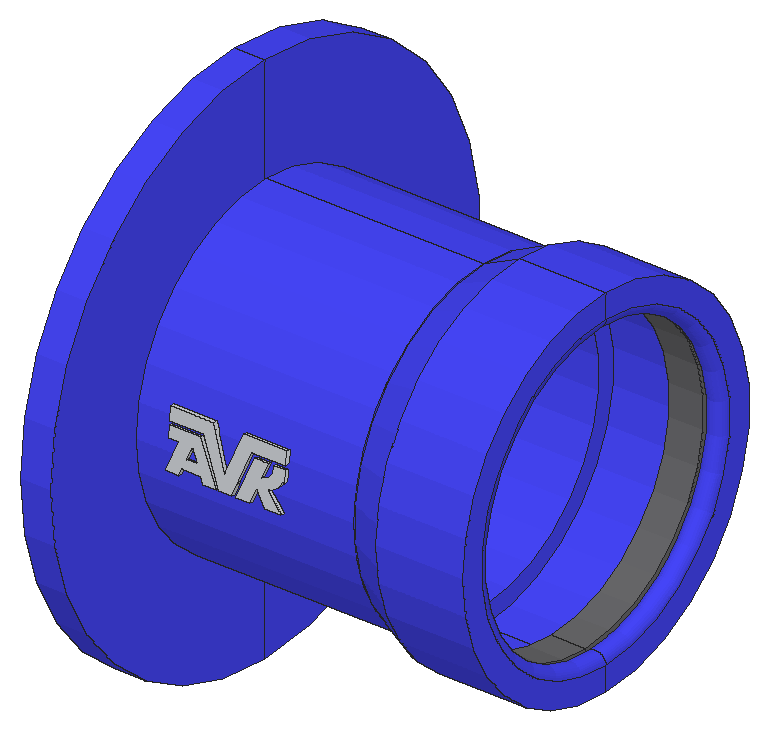
Revit family "712-7514-001 DN080-700", category Pipe Accessories, Revit 2022
Family settings
  Round Connector Dimension = Use Diameter
  Part Type = Valve - Breaks Into
  Work Plane-Based = No
  Always vertical = Yes
  Cut with Voids When Loaded = No
  Shared = No
Parameters (values of type "DN0150_PN10/16")
  radius = FL_T * 0.75  # 14.25 mm
  rad1 = J * 0.8  # 7.2 mm
  W = size_lookup(Search_table, "W", 0 mm, DN) / 2  # 100 mm
  URL_product_pages = "https://www.avkvalves.com/P.aspx?no=712008075141"
  Thickness = 6 mm  # constant formula
  Search_table = "712-7514-001 DN080-700"
  Raised_dis = size_lookup(Search_table, "Raised_dis", 0 mm, DN)  # 3 mm
  Raised_dia = size_lookup(Search_table, "Raised_dia", 0 mm, DN) / 2  # 105.5 mm
  OD = size_lookup(Search_table, "OD", 0 mm, DN) / 2  # 142.5 mm
  Logo = L1 * 0.3  # 60 mm
  L1 = size_lookup(Search_table, "L1", 0 mm, DN)  # 200 mm
  L = size_lookup(Search_table, "L", 0 mm, DN) / 2  # 67.5 mm
  J2 = 2 * J  # 18 mm
  J1 = J * 1.2  # 10.8 mm
  J = size_lookup(Search_table, "J", 0 mm, DN)  # 9 mm
  ID1 = Bore * 1.1  # 82.5 mm
  ID = size_lookup(Search_table, "ID", 0 mm, DN) / 2  # 77 mm
  G1 = ID * 1.2  # 92.4 mm
  G = ID * 1.3  # 100.1 mm
  FL_T = size_lookup(Search_table, "FL_T", 0 mm, DN)  # 19 mm
  F = E * 1.3  # 117 mm
  E = size_lookup(Search_table, "E", 0 mm, DN) / 2  # 90 mm
  Description_ = "AVK DUCTILE IRON FITTING, FLANGE/SOCKET, PN10/16"
  Default Elevation = 81 mm
  DN0700_PN16 = "712070075141"
  C2 = C * 0.6  # 72 mm
  C1 = C * 0.4  # 48 mm
  C = size_lookup(Search_table, "C", 0 mm, DN)  # 120 mm
  Body_T = size_lookup(Search_table, "Body_T", 0 mm, DN)  # 7 mm
  8 = 8 mm  # constant formula
  2 = 2 mm  # constant formula
  1 = 1 mm  # constant formula
  DN0600_PN16 = "712060075141"
  DN0600_PN10 = "712060075140"
  DN0500_PN16 = "712050075141"
  DN0500_PN10 = "712050075140"
  DN0400_PN16 = "712040075141"
  DN0400_PN10 = "712040075140"
  DN0350_PN16 = "712035075141"
  DN0350_PN10 = "712035075140"
  DN0300_PN16 = "712030075141"
  DN0300_PN10 = "712030075140"
  DN0250_PN16 = "712025075141"
  DN0250_PN10 = "712025075140"
  DN0200_PN16 = "712020075141"
  DN0100_PN10/16 = "712010075141"
  DN0200_PN10 = "712020075140"
  DN0150_PN10/16 = "712015075141"
  DN0125_PN10/16 = "712012575141"
  DN0080_PN10/16 = "712008075141"
  DN = 150 mm
  Bore = DN / 2  # 75 mm
Types (20, lengths in mm): name | radius | rad1 | W | Raised_dis | Raised_dia | OD | Logo | L1 | L | J2 | J1 | J | ID1 | ID | G1 | G | FL_T | F | E | C2 | C1 | C | Body_T | DN | Bore
  (no name) | 14.25 | 7.2 | 100 | 3 | 105.5 | 142.5 | 60 | 200 | 67.5 | 18 | 10.8 | 9 | 82.5 | 77 | 92.4 | 100.1 | 19 | 117 | 90 | 72 | 48 | 120 | 7 | 150 | 75
  DN0080_PN10/16 | 14.25 | 6.4 | 70.5 | 3 | 66 | 100 | 57.3 | 191 | 65 | 16 | 9.6 | 8 | 44 | 56.5 | 67.8 | 73.45 | 19 | 65 | 50 | 60 | 40 | 100 | 7 | 80 | 40
  DN0100_PN10/16 | 14.25 | 6.4 | 81 | 3 | 78 | 110 | 57.3 | 191 | 65 | 16 | 9.6 | 8 | 55 | 67 | 80.4 | 87.1 | 19 | 81.25 | 62.5 | 66 | 44 | 110 | 7 | 100 | 50
  DN0125_PN10/16 | 14.25 | 6.4 | 91 | 3 | 92 | 125 | 57.3 | 191 | 67.5 | 16 | 9.6 | 8 | 68.75 | 72 | 86.4 | 93.6 | 19 | 97.5 | 75 | 69 | 46 | 115 | 7 | 125 | 62.5
  DN0150_PN10/16 | 14.25 | 7.2 | 100 | 3 | 105.5 | 142.5 | 60 | 200 | 67.5 | 18 | 10.8 | 9 | 82.5 | 77 | 92.4 | 100.1 | 19 | 117 | 90 | 72 | 48 | 120 | 7 | 150 | 75
  DN0200_PN10 | 15 | 8.8 | 135.5 | 3 | 133 | 170 | 63.9 | 213 | 70 | 22 | 13.2 | 11 | 110 | 120 | 144 | 156 | 20 | 152.75 | 117.5 | 84 | 56 | 140 | 7 | 200 | 100
  DN0200_PN16 | 15 | 8.8 | 135.5 | 3 | 133 | 170 | 63.9 | 213 | 70 | 22 | 13.2 | 11 | 110.055 | 120 | 144 | 156 | 20 | 152.75 | 117.5 | 84 | 56 | 140 | 7 | 200.1 | 100.05
  DN0250_PN10 | 16.5 | 9.6 | 150 | 3 | 159.5 | 197.5 | 67.2 | 224 | 72.5 | 24 | 14.4 | 12 | 137.5 | 150 | 180 | 195 | 22 | 188.5 | 145 | 90 | 60 | 150 | 8 | 250 | 125
  DN0250_PN16 | 16.5 | 9.6 | 150 | 3 | 159.5 | 202.5 | 67.2 | 224 | 72.5 | 24 | 14.4 | 12 | 137.555 | 150 | 180 | 195 | 22 | 188.5 | 145 | 90 | 60 | 150 | 8 | 250.1 | 125.05
  DN0300_PN10 | 18.75 | 10.4 | 175 | 4 | 185 | 222.5 | 69 | 230 | 75 | 26 | 15.6 | 13 | 165 | 175 | 210 | 227.5 | 25 | 226.2 | 174 | 96 | 64 | 160 | 8 | 300 | 150
  DN0300_PN16 | 18.75 | 10.4 | 175 | 4 | 185 | 230 | 69 | 230 | 75 | 26 | 15.6 | 13 | 165.055 | 175 | 210 | 227.5 | 25 | 226.2 | 174 | 96 | 64 | 160 | 8 | 300.1 | 150.05
  DN0350_PN10 | 18.75 | 11.2 | 217 | 4 | 214.5 | 252.5 | 69.9 | 233 | 77.5 | 28 | 16.8 | 14 | 192.5 | 198 | 237.6 | 257.4 | 25 | 273 | 210 | 96 | 64 | 160 | 9 | 350 | 175
  DN0350_PN16 | 20.25 | 11.2 | 217 | 4 | 214.5 | 260 | 69.9 | 233 | 77.5 | 28 | 16.8 | 14 | 192.555 | 198 | 237.6 | 257.4 | 27 | 273 | 210 | 96 | 64 | 160 | 9 | 350.1 | 175.05
  DN0400_PN10 | 18.75 | 12 | 250 | 4 | 240 | 282.5 | 70.2 | 234 | 80 | 30 | 18 | 15 | 220 | 218 | 261.6 | 283.4 | 25 | 325 | 250 | 102 | 68 | 170 | 10 | 400 | 200
  DN0400_PN16 | 21 | 12 | 250 | 4 | 240 | 290 | 70.2 | 234 | 80 | 30 | 18 | 15 | 220.055 | 218 | 261.6 | 283.4 | 28 | 325 | 250 | 102 | 68 | 170 | 10 | 400.1 | 200.05
  DN0500_PN10 | 20.25 | 12.8 | 302 | 4 | 291 | 335 | 75.3 | 251 | 85 | 32 | 19.2 | 16 | 275 | 270 | 324 | 351 | 27 | 366.6 | 282 | 105 | 70 | 175 | 11 | 500 | 250
  DN0500_PN16 | 24 | 12.8 | 302 | 4 | 304.5 | 357.5 | 75.3 | 251 | 85 | 32 | 19.2 | 16 | 275.055 | 270 | 324 | 351 | 32 | 366.6 | 282 | 105 | 70 | 175 | 11 | 500.1 | 250.05
  DN0600_PN10 | 22.5 | 13.6 | 349 | 5 | 341 | 390 | 79.8 | 266 | 90 | 34 | 20.4 | 17 | 330 | 319 | 382.8 | 414.7 | 30 | 436.15 | 335.5 | 111 | 74 | 185 | 12 | 600 | 300
  DN0600_PN16 | 27 | 13.6 | 349 | 4 | 360 | 420 | 79.8 | 266 | 90 | 34 | 20.4 | 17 | 330.055 | 319 | 382.8 | 414.7 | 36 | 436.15 | 335.5 | 111 | 74 | 185 | 12 | 600.1 | 300.05
  DN0700_PN16 | 24.375 | 16 | 412.5 | 5 | 397 | 447.5 | 102 | 340 | 95 | 40 | 24 | 20 | 385 | 372.5 | 447 | 484.25 | 32.5 | 539.5 | 415 | 94.2 | 62.8 | 157 | 14 | 700 | 350
Reference planes
  plane 1 "Center (Front/Back)": y = 0
  plane 2: z = 0
  plane 3 "Center (Left/Right)": x = 0
  plane 4: x = -67.5
  plane 5: x = 132.5
  plane 6: z = 142.5
  plane 7: z = -142.5
  plane 8: z = 105.5
  plane 9: z = -105.5
  plane 10: z = 75
  plane 11: z = -75
  plane 12: z = 77
  plane 13: z = -77
  plane 14: x = 72
  plane 15: z = 86
  plane 16: z = 86
  plane 17: z = 95
  plane 18: x = 121.7
  plane 19: x = 0
  plane 20: x = 67.5
Forms (mm)
  Revolve 1, solid, material "Laminate, Blue, Matte"
    sketch origin (0, 0, 0) x (1, 0, 0) y (0, 0, 1)
      loop
        line (-64.5, 105.5) -> (-67.5, 105.5) -> (-67.5, 75) -> (-48.5, 75) -> (-48.5, 142.5) -> (-64.5, 142.5) -> (-64.5, 105.5)
      axis (-67.5, 0) -> (-48.5, 0)
    angle from 0 to 360
  Revolve 2, solid, material "Laminate, Blue, Matte"
    sketch origin (0, 0, 0) x (1, 0, 0) y (0, 0, 1)
      loop
        line (-48.5, 77) -> (67.5, 77) -> (67.5, 86) -> (-48.5, 86) -> (-48.5, 77)
      axis (-48.5, 0) -> (67.5, 0)
    angle from 0 to 360
  Revolve 3, solid, material "Laminate, Blue, Matte"
    sketch origin (0, 0, 0) x (1, 0, 0) y (0, 0, 1)
      loop
        line (67.5, 86) -> (121.7, 86) -> (121.7, 82.4)
        arc (121.7, 82.4) -> (127.1, 77) -> (132.5, 82.4) r 5.4
        line (132.5, 82.4) -> (132.5, 95) -> (86.5, 95) -> (67.5, 86)
      axis (67.5, 0) -> (132.5, 0)
    angle from 0 to 360
  Revolve 4, solid, material "Aluminum 1100-O"
    sketch origin (0, 0, 0) x (1, 0, 0) y (0, 0, 1)
      loop
        line (103.7, 86) -> (103.7, 78) -> (121.7, 78) -> (121.7, 86) -> (103.7, 86)
      axis (103.7, 0) -> (121.7, 0)
    angle from 0 to 360
Dimensions and locks
  equal spacing: plane 6, level, plane 7
  equal spacing: plane 8, level, plane 9
  equal spacing: plane 10, level, plane 11
  "OD": plane 6 to level
  "Bore": plane 10 to level
  "Raised_dia": plane 8 to level
  "Raised_dis": Revolve 1 sketch curve to plane 4
  "Raised_dia": Revolve 1 sketch curve to level
  "FL_T": Revolve 1 sketch curve to plane 4
  equal spacing: plane 12, level, plane 13
  "ID": plane 12 to level
  "L": plane 3 "Center (Left/Right)" to plane 4
  "ID": Revolve 2 sketch curve to level
  "C2": plane 14 to plane 3 "Center (Left/Right)"
  "J": Revolve 2 sketch curve to plane 12
  "J": Revolve 3 sketch curve to plane 15
  "J": plane 15 to plane 12
  "J": plane 16 to plane 12
  "J": plane 17 to plane 16
  "L1": plane 5 to plane 4
  "J": plane 16 to Revolve 3 sketch curve
  "J1": plane 5 to Revolve 4 sketch curve
  "J1": plane 5 to Revolve 3 sketch curve
  "J1": plane 5 to plane 18
  "J2": plane 18 to Revolve 4 sketch curve
  "8": plane 16 to Revolve 4 sketch curve
  "L": Revolve 2 sketch curve to plane 3 "Center (Left/Right)"
  "L": plane 19 to plane 4
  "L": plane 20 to plane 3 "Center (Left/Right)"
  "FL_T": Revolve 3 sketch curve to plane 20
  "L": plane 20 to nested 1
  plane 20 to plane 4 = 135 mm
  plane 6 to plane 7 = 285 mm
  aligned and locked: level to plane 2
  aligned and locked: Revolve 1 sketch curve to plane 4
  aligned and locked: Revolve 1 sketch curve to plane 6
  aligned and locked: Revolve 1 sketch curve to plane 2
  aligned and locked: Revolve 1 to Revolve 2 sketch curve
  aligned and locked: Revolve 2 sketch curve to plane 2
  aligned and locked: Revolve 3 sketch curve to plane 2
  aligned and locked: Revolve 3 sketch curve to plane 15
  aligned and locked: Revolve 3 sketch curve to plane 5
  aligned and locked: Revolve 4 sketch curve to plane 2
  aligned and locked: Revolve 4 sketch curve to plane 16
  aligned and locked: plane 20 to Revolve 3 sketch curve
Automatic sketch dimensions
  Revolve 1 sketch curve to plane 10 = 0 mm
  plane 3 "Center (Left/Right)" to Revolve 1 sketch curve = 22.358 mm
  plane 14 to Revolve 1 sketch curve = 0.132 mm
  Revolve 2 sketch curve to plane 4 = 219 mm
  Revolve 2 sketch curve to Revolve 2 sketch curve = 30 mm
  Revolve 3 sketch curve to plane 14 = 9.594 mm
  Revolve 3 sketch curve to plane 3 "Center (Left/Right)" = 19 mm
  plane 5 to Revolve 4 sketch curve = 130.097 mm
  Revolve 4 sketch curve to Revolve 4 sketch curve = 110 mm
Nested families
  nested 1: "30-15 logo half" at (0, -85.735, 6.747) x (1, 0, 0) z (0, -0.9969, 0.0785), type "30-15 logo half"
Connectors
  piping at (-67.5, 0, 0), diameter 150, driven by "DN"
    settings: on Revolve 1, index 1, connector inside diameter 609.6 mm, connector length 0 mm, flow factor 0, pipe flow 0.0 L/s, pressure drop 0.0 Pa, fitting loss kfactor 0, connector angle 0.00°, fixture units 0, engagement length 0 mm, angle of deflection 0.00°, flow configuration 0, flow direction 0, fitting loss method 0, system type 7, joint type 0, gender type 0, connector reference index -1, connector utility 0, adjustable connector no, is connector primary yes, connector description ""
  piping at (132.5, 0, 0), diameter 150, driven by "DN"
    settings: on Revolve 3, index 2, connector inside diameter 609.6 mm, connector length 0 mm, flow factor 0, pipe flow 0.0 L/s, pressure drop 0.0 Pa, fitting loss kfactor 0, connector angle 0.00°, fixture units 0, engagement length 0 mm, angle of deflection 0.00°, flow configuration 0, flow direction 0, fitting loss method 0, system type 7, joint type 0, gender type 0, connector reference index -1, connector utility 0, adjustable connector no, is connector primary no, connector description ""
Definition of nested family "30-15 logo half"
  Parameters (values of type "30-15 logo half")
    Default Elevation = 1219.2 mm
    60 = 30 mm  # constant formula
    5 = 5 mm
    30 = 30 mm / 2  # 15 mm
    1 = 1 mm
  Reference planes
    plane 1 "Center (Front/Back)": y = 0
    plane 2: z = 0
    plane 3 "Center (Left/Right)": x = 0
    plane 4: y = 15
    plane 5: y = -15
    plane 6: x = -30
    plane 7: x = 30
  Forms (mm)
    Extrusion 1, solid
      sketch origin (0, 0, 0) x (1, 0, 0) y (0, 1, 0)
        loop
          line (-1219.2, 1219.2) -> (-1219.2, -1219.2) -> (1219.2, -1219.2) -> (1219.2, 1219.2) -> (-1219.2, 1219.2)
      from 0 to -304.8
    Extrusion 2, solid
      sketch origin (0, 0, 0) x (1, 0, 0) y (0, 1, 0)
        loop
          line (-30, 15) -> (-30, 8.226) -> (-12.113, 8.226) -> (-2.729, -15) -> (3.904, -15) -> (13.288, 8.226) -> (31.384, 8.226) -> (31.384, 15) -> (8.469, 15) -> (0, -5.96) -> (-7.305, 15) -> (-30, 15)
        loop
          line (-30, 6.281) -> (-30, 0) -> (-25, 0) -> (-31.06, -15) -> (-23.895, -15) -> (-22.541, -11.651) -> (-12.541, -11.651) -> (-11.188, -15) -> (-3.652, -15) -> (-13.576, 6.281) -> (-30, 6.281)
        loop
          line (-17.748, 0.212) -> (-20.433, -6.432) -> (-14.65, -6.432) -> (-17.748, 0.212)
        loop
          line (15, 6.281) -> (6.402, -15) -> (13.745, -15) -> (16.73, -7.612) -> (21.903, -15) -> (30, -15) -> (23.279, -5.402)
          arc (23.279, -5.402) -> (27.476, -3.522) -> (30.433, 0) r 10.279
          line (30.433, 0) -> (31.384, 0) -> (31.384, 6.281) -> (25.047, 6.281) -> (25.047, 4.52)
          arc (25.047, 4.52) -> (23.369, 0.469) -> (19.317, -1.21) r 5.73
          line (19.317, -1.21) -> (22.344, 6.281) -> (15, 6.281)
      from -1 to 1
  Dimensions and locks
    equal spacing: plane 6, plane 3 "Center (Left/Right)", plane 7
    equal spacing: plane 5, plane 1 "Center (Front/Back)", plane 4
    "30": plane 1 "Center (Front/Back)" to plane 4
    "60": plane 6 to plane 3 "Center (Left/Right)"
    "1": Extrusion 2 to Extrusion 1
    "1": Extrusion 1 to Extrusion 2
    aligned and locked: plane 2 to Extrusion 1
    aligned and locked: level to Extrusion 1
  Automatic sketch dimensions
    Extrusion 1 sketch curve to Extrusion 1 sketch curve = 2438.4 mm  (x2)
    Extrusion 2 sketch curve to plane 5 = 0 mm  (x5)
    Extrusion 2 sketch curve to plane 6 = 0 mm  (x2)
    plane 1 "Center (Front/Back)" to Extrusion 2 sketch curve = 0 mm  (x2)
    Extrusion 2 sketch curve to plane 4 = 0 mm  (x2)
    Extrusion 2 sketch curve to plane 3 "Center (Left/Right)" = 0 mm
    Extrusion 2 sketch curve to plane 7 = 0 mm
    Extrusion 2 sketch curve to plane 6 = 1.06 mm
    plane 6 to Extrusion 2 sketch curve = 5 mm
    plane 6 to Extrusion 2 sketch curve = 6.105 mm
    plane 5 to Extrusion 2 sketch curve = 3.349 mm
    Extrusion 2 sketch curve to Extrusion 2 sketch curve = 1.353 mm  (x2)
    Extrusion 2 sketch curve to Extrusion 2 sketch curve = 2.108 mm  (x2)
    Extrusion 2 sketch curve to plane 1 "Center (Front/Back)" = 0.212 mm
    Extrusion 2 sketch curve to Extrusion 2 sketch curve = 2.685 mm
    plane 1 "Center (Front/Back)" to Extrusion 2 sketch curve = 6.432 mm
    Extrusion 2 sketch curve to Extrusion 2 sketch curve = 5.783 mm
    Extrusion 2 sketch curve to Extrusion 2 sketch curve = 4.173 mm
    Extrusion 2 sketch curve to Extrusion 2 sketch curve = 1.463 mm
    Extrusion 2 sketch curve to plane 3 "Center (Left/Right)" = 7.305 mm
    Extrusion 2 sketch curve to plane 3 "Center (Left/Right)" = 3.652 mm
    Extrusion 2 sketch curve to Extrusion 2 sketch curve = 0.923 mm
    plane 3 "Center (Left/Right)" to Extrusion 2 sketch curve = 3.904 mm
    Extrusion 2 sketch curve to Extrusion 2 sketch curve = 2.498 mm
    plane 3 "Center (Left/Right)" to Extrusion 2 sketch curve = 8.469 mm
    Extrusion 2 sketch curve to Extrusion 2 sketch curve = 4.819 mm
    Extrusion 2 sketch curve to Extrusion 2 sketch curve = 7.344 mm
    Extrusion 2 sketch curve to Extrusion 2 sketch curve = 1.712 mm
    Extrusion 2 sketch curve to Extrusion 2 sketch curve = 2.985 mm
    plane 1 "Center (Front/Back)" to Extrusion 2 sketch curve = 1.21 mm
    Extrusion 2 sketch curve to Extrusion 2 sketch curve = 2.587 mm
    Extrusion 2 sketch curve to Extrusion 2 sketch curve = 1.965 mm
    Extrusion 2 sketch curve to Extrusion 2 sketch curve = 8.097 mm
    Extrusion 2 sketch curve to Extrusion 2 sketch curve = 1.062 mm
    Extrusion 2 sketch curve to Extrusion 2 sketch curve = 2.703 mm
    plane 7 to Extrusion 2 sketch curve = 1.384 mm  (x2)
    Extrusion 2 sketch curve to Extrusion 2 sketch curve = 6.403 mm
    plane 1 "Center (Front/Back)" to Extrusion 2 sketch curve = 5.96 mm
    Extrusion 2 sketch curve to Extrusion 2 sketch curve = 0.161 mm
    Extrusion 2 sketch curve to Extrusion 2 sketch curve = 1.761 mm  (x2)
    Extrusion 2 sketch curve to plane 1 "Center (Front/Back)" = 6.281 mm
    Extrusion 2 sketch curve to Extrusion 2 sketch curve = 1.945 mm  (x2)
    Extrusion 2 sketch curve to Extrusion 2 sketch curve = 3.962 mm
    plane 7 to Extrusion 2 sketch curve = 0.433 mm
